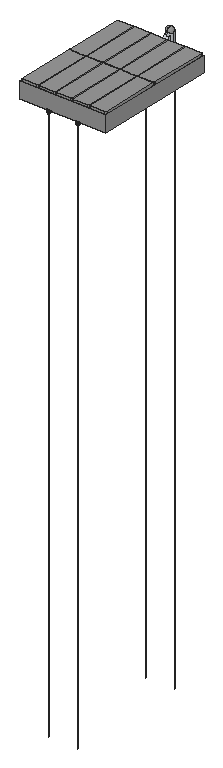
Revit family "62157", category Lighting Fixtures, host Face, Revit 2018
Family settings
  Host = Face
  Round Connector Dimension = Use Diameter
  Part Type = Normal
  OmniClass Number = 23.80.70.00
  OmniClass Title = Lighting
  Cut with Voids When Loaded = No
  Light Source = Yes
  Shared = No
  Room Calculation Point = No
Parameters (values of type "0062157 KUBIXX 4000K 47KLM WIDE SSA")
  Weight = "n/a"
  Wattage Comments = ""
  Wattage = 9.2903 W
  WarrantyStartDate [instance] = "n/a"
  WarrantyGuarantorParts = "n/a"
  WarrantyDurationUnit = "n/a"
  WarrantyDurationParts = ""
  WarrantyDescription = "http://www.sylvania-lighting.com"
  built-in parameter 1150110 = 1 (stored number, unit not read)
  Voltage = 0 V
  URL = "0"
  TypeName = "KubiXx 4000K 47KLM WIDE SSA"
  Type Image = <None>
  Type Comments = "n/a"
  Total length = 760.213 mm
  built-in parameter 1114217 = 1 (stored number, unit not read)
  Total Length = 731.899 mm
  Tilt Angle = -90.00°
  built-in parameter 1150109 = 1 (stored number, unit not read)
  built-in parameter 1150134 = 3
  Suspension height = 3000 mm
  built-in parameter 1150113 = 1 (stored number, unit not read)
  SerialNumber [instance] = "n/a"
  Photometric Web File = "0062157.IES"
  Material_3_SYL = none
  PowerFactor = 0
  PowerConsumption = "Lighting"
  NominalLength = 460 mm
  NominalHeight = 94 mm
  NominalDepth = 650 mm
  Name = "KubiXx 4000K 47KLM WIDE SSA"
  ModelReference = Name  # "KubiXx 4000K 47KLM WIDE SSA"
  ModelNumber = "0062157"
  Model = Name  # "KubiXx 4000K 47KLM WIDE SSA"
  Material = "Feilo Sylvania"
  ManufacturerName = "172 lm/W"
  Manufacturer = ""
  LuminousEfficacy = ""
  built-in parameter 1150105 = 109.82 (stored number, unit not read)
  Lumens = 1380 lm
  LuminaireType = "0"
  built-in parameter 1150115 = 1 (stored number, unit not read)
  LightOutputRatio = "LED"
  built-in parameter 1150137 = (empty or 0)
  built-in parameter 1150139 = (empty or 0)
  LampsType = Lamp  # "n/a"
  LampNominalLuminous = "4000 K"
  LampMacAdamStep = "80"
  LampColourTemperature = "LED"
  LampColourRenderingIndex = "16500"
  built-in parameter 1150112 = 1 (stored number, unit not read)
  built-in parameter 1150114 = 1 (stored number, unit not read)
  Lamp = "n/a"
  Keynote = "n/a"
  InstallationDate [instance] = "n/a"
  InputVoltage = "0"
  InputNominalFrequency = "4000"
  built-in parameter 1150132 = (empty or 0)
  built-in parameter 1150102 = (empty or 0)
  built-in parameter 1150107 = 3200 (stored number, unit not read)
  built-in parameter 1150138 = (empty or 0)
  IngressProtection = "IfcLightFixtureType"
  ImpactProtectionIndex = "IfcLightFixtureType"
  built-in parameter 1150106 = 1.0982 (stored number, unit not read)
  IfcExportType = "IfcLightFixtureType"
  IfcExportAs = "Class I"
  Emit from Circle Diameter = 609.6 mm
  Emit Shape Visible in Rendering = no
  ElectricShockClassification = "172"
  built-in parameter 1150104 = 13.8 (stored number, unit not read)
  DocumentationLiterature = "http://www.sylvania-lighting.com/product/en-int/products/0062157"
  DimmingControlOptions = "n/a"
  Material_2_SYL = none
  Dimming Lamp Color Temperature Shift = <None>
  Description = "Logistics and Industry high bay luminaire with wide optics to provide homogenous light distribution for open space areas. 47500lumens, 276W, 172lm/W, 4000K, CRI80, wide beam optic, SylSmart SSA dimmable, 3 step MacAdam ellipse, grey finish (RAL7012), Class 1, 220-240V, IP65, IK06."
  Default Elevation = 1219.2 mm
  CreatedOn = "09/11/2023"
  CreatedBy = "@sylvania-lighting.com"
  Cost = 0
  Color Filter = 16777215
  built-in parameter 1114216 [instance] = (empty or 0)
  ClassificationValue = "EF_70_80"
  ClassificationName = "Uniclass2015"
  Material_1_SYL = none
  BarCode [instance] = "n/a"
  built-in parameter 1114218 = 1 (stored number, unit not read)
  built-in parameter 1150133 = 10 (stored number, unit not read)
  AssetType = "Fixed"
  AssetIdentifier [instance] = "n/a"
  Assembly Code = "D5020200"
  Apparent Load = 276 VA
  Material_4_SYL = none
Reference planes
  plane 1 "Center (Front/Back)": y = 0
  plane 2: z = 0
  plane 3 "Center (Left/Right)": x = 0
  plane 4: x = -230
  plane 5: x = 230
  plane 6: y = 325
  plane 7: y = -325
  plane 8: x = -180.6
  plane 9: y = 160
  plane 10: y = -160
  plane 11: x = -93.6
  plane 12: x = -89.2
  plane 13: x = -2.2
  plane 14: x = 2.2
  plane 15: x = 89.2
  plane 16: x = 93.6
  plane 17: x = 180.6
  plane 18: x = 77.2
  plane 19: x = -77.2
  plane 20: x = -87.2
  plane 21: x = -67.2
  plane 22: z = -18
  plane 23: y = 162
  plane 24: z = -8
  plane 25: y = -162
  plane 26: z = 3094
  plane 27: z = 3094
  plane 28: y = 163.5
  plane 29: z = 3000
  plane 30: z = 2982
  plane 31: x = -225.6
  plane 32: x = 225.6
  plane 33: x = 138.6
  plane 34: x = -138.6
  plane 35: x = 134.2
  plane 36: x = -134.2
  plane 37: x = 47.2
  plane 38: x = -47.2
  plane 39: x = 42.795
  plane 40: x = -42.778
  plane 41: y = 320.6
  plane 42: y = -320.6
  plane 43: y = 321
  plane 44: y = 1
  plane 45: y = -1
  plane 46: y = 406.899
Forms (mm)
  Extrusion 1, solid, material "Aluminum", detail levels medium+fine
    sketch origin (0, 0, 0) x (1, 0, 0) y (0, 1, 0)
      loop
        line (-230, 325) -> (-230, -325) -> (230, -325) -> (230, 325) -> (-230, 325)
    from 3000 to 3083
  Extrusion 2, solid, material "Acetal Resin, White", detail levels medium+fine
    sketch origin (0, 160.6, 0) x (1, 0, 0) y (0, 1, 0)
      loop
        arc (-220.65, 160) -> (-224.185, 158.536) -> (-225.65, 155) r 5
        line (-225.65, 155) -> (-225.65, -154.6)
        arc (-225.65, -154.6) -> (-224.185, -158.136) -> (-220.65, -159.6) r 5
        line (-220.65, -159.6) -> (-143.629, -159.6)
        arc (-143.629, -159.6) -> (-140.094, -158.136) -> (-138.629, -154.6) r 5
        line (-138.629, -154.6) -> (-138.629, 155)
        arc (-138.629, 155) -> (-140.094, 158.536) -> (-143.629, 160) r 5
        line (-143.629, 160) -> (-220.65, 160)
    from 3083 to 3094
  Extrusion 3, solid, material "Acetal Resin, White", detail levels medium+fine
    sketch origin (91.4, 160.6, 0) x (1, 0, 0) y (0, 1, 0)
      loop
        arc (-220.89, 160) -> (-224.425, 158.536) -> (-225.89, 155) r 5
        line (-225.89, 155) -> (-225.89, -154.6)
        arc (-225.89, -154.6) -> (-224.425, -158.136) -> (-220.89, -159.6) r 5
        line (-220.89, -159.6) -> (-143.578, -159.6)
        arc (-143.578, -159.6) -> (-140.042, -158.136) -> (-138.578, -154.6) r 5
        line (-138.578, -154.6) -> (-138.578, 155)
        arc (-138.578, 155) -> (-140.042, 158.536) -> (-143.578, 160) r 5
        line (-143.578, 160) -> (-220.89, 160)
    from 3083 to 3094
  Extrusion 4, solid, material "Acetal Resin, White", detail levels medium+fine
    sketch origin (182.8, 160.6, 0) x (1, 0, 0) y (0, 1, 0)
      loop
        arc (-130.605, 160) -> (-134.141, 158.536) -> (-135.605, 155) r 5
        line (-135.605, 155) -> (-135.605, -154.6)
        arc (-135.605, -154.6) -> (-134.141, -158.136) -> (-130.605, -159.6) r 5
        line (-130.605, -159.6) -> (-53.412, -159.6)
        arc (-53.412, -159.6) -> (-49.876, -158.136) -> (-48.412, -154.6) r 5
        line (-48.412, -154.6) -> (-48.412, 155)
        arc (-48.412, 155) -> (-49.876, 158.536) -> (-53.412, 160) r 5
        line (-53.412, 160) -> (-130.605, 160)
    from 3083 to 3094
  Extrusion 5, solid, material "Acetal Resin, White", detail levels medium+fine
    sketch origin (274.2, 160.6, 0) x (1, 0, 0) y (0, 1, 0)
      loop
        arc (-130.583, 160) -> (-134.119, 158.536) -> (-135.583, 155) r 5
        line (-135.583, 155) -> (-135.583, -154.6)
        arc (-135.583, -154.6) -> (-134.119, -158.136) -> (-130.583, -159.6) r 5
        line (-130.583, -159.6) -> (-53.71, -159.6)
        arc (-53.71, -159.6) -> (-50.175, -158.136) -> (-48.71, -154.6) r 5
        line (-48.71, -154.6) -> (-48.71, 155)
        arc (-48.71, 155) -> (-50.175, 158.536) -> (-53.71, 160) r 5
        line (-53.71, 160) -> (-130.583, 160)
    from 3083 to 3094
  Extrusion 6, solid, material "Aluminum", detail levels fine
    sketch origin (0, 0, 2992) x (1, 0, 0) y (0, 0, 1)
      loop
        line (-87.2, 8) -> (-87.2, 0)
        arc (-87.2, 0) -> (-84.271, -7.071) -> (-77.2, -10) r 10
        arc (-77.2, -10) -> (-70.129, -7.071) -> (-67.2, 0) r 10
        line (-67.2, 0) -> (-67.2, 8) -> (-87.2, 8)
    from -325 to -322
  Extrusion 7, void
    sketch origin (0.086, 0, 2990.692) x (1, 0, 0) y (0, 0, 1)
      loop
        circle (-77.2, 0) r 3
    from -350.589 to 380.147
  Extrusion 8, solid, material "Aluminum", detail levels fine
    sketch origin (154.4, 0, 2992) x (1, 0, 0) y (0, 0, 1)
      loop
        line (-87.2, 8) -> (-87.2, 0)
        arc (-87.2, 0) -> (-84.271, -7.071) -> (-77.2, -10) r 10
        arc (-77.2, -10) -> (-70.129, -7.071) -> (-67.2, 0) r 10
        line (-67.2, 0) -> (-67.2, 8) -> (-87.2, 8)
    from -325 to -322
  Extrusion 9, void
    sketch origin (154.475, 0, 2991.254) x (1, 0, 0) y (0, 0, 1)
      loop
        circle (-77.2, 0) r 3
    from -394.188 to 347.516
  Extrusion 10, solid, material "Aluminum", detail levels fine
    sketch origin (0, 0, 2992) x (1, 0, 0) y (0, 0, 1)
      loop
        line (-87.2, 8) -> (-87.2, 0)
        arc (-87.2, 0) -> (-84.271, -7.071) -> (-77.2, -10) r 10
        arc (-77.2, -10) -> (-70.129, -7.071) -> (-67.2, 0) r 10
        line (-67.2, 0) -> (-67.2, 8) -> (-87.2, 8)
    from 325 to 322
  Extrusion 11, solid, material "Aluminum", detail levels fine
    sketch origin (153.445, 0, 2992) x (1, 0, 0) y (0, 0, 1)
      loop
        line (-86.235, 8) -> (-86.235, 0.111)
        arc (-86.235, 0.111) -> (-83.306, -6.96) -> (-76.235, -9.889) r 10
        arc (-76.235, -9.889) -> (-69.163, -6.96) -> (-66.235, 0.111) r 10
        line (-66.235, 0.111) -> (-66.235, 8) -> (-86.235, 8)
    from 325 to 322
  Extrusion 12, solid, material "Stainless Steel"
    sketch origin (-0.029, 159.919, 0) x (1, 0, 0) y (0, 1, 0)
      loop
        circle (-77.2, 163.5) r 1
    from 0 to 3000
  Extrusion 13, solid, material "Stainless Steel"
    sketch origin (154.4, 159.993, 0) x (1, 0, 0) y (0, 1, 0)
      loop
        circle (-77.2, 163.5) r 1
    from 0 to 3000
  Extrusion 14, solid, material "Stainless Steel"
    sketch origin (0, -327, 0) x (1, 0, 0) y (0, 1, 0)
      loop
        circle (-77.2, 3.5) r 1
    from 0 to 3000
  Extrusion 15, solid, material "Stainless Steel"
    sketch origin (154.386, -327.05, 0) x (1, 0, 0) y (0, 1, 0)
      loop
        circle (-77.2, 3.5) r 1
    from 0 to 3000
  Extrusion 16, solid, detail levels coarse
    sketch origin (0, 0, 0) x (1, 0, 0) y (0, 0, 1)
      loop
        line (-230, 3094) -> (-230, 0) -> (230, 0) -> (230, 3094) -> (-230, 3094)
    from -406.899 to 325
  Extrusion 17, solid, material "Acetal Resin, White", detail levels medium+fine
    sketch origin (181.395, 160.6, 0) x (1, 0, 0) y (0, 1, 0)
      loop
        arc (-219.21, 160) -> (-222.746, 158.536) -> (-224.21, 155) r 5
        line (-224.21, 155) -> (-224.21, -154.6)
        arc (-224.21, -154.6) -> (-222.746, -158.136) -> (-219.21, -159.6) r 5
        line (-219.21, -159.6) -> (-143.578, -159.6)
        arc (-143.578, -159.6) -> (-140.042, -158.136) -> (-138.578, -154.6) r 5
        line (-138.578, -154.6) -> (-138.578, 155)
        arc (-138.578, 155) -> (-140.042, 158.536) -> (-143.578, 160) r 5
        line (-143.578, 160) -> (-219.21, 160)
    from 3083 to 3094
  Extrusion 18, solid, material "Acetal Resin, White", detail levels medium+fine
    sketch origin (0, -160.6, 0) x (1, 0, 0) y (0, 1, 0)
      loop
        arc (-220.65, 159.6) -> (-224.185, 158.136) -> (-225.65, 154.6) r 5
        line (-225.65, 154.6) -> (-225.65, -155)
        arc (-225.65, -155) -> (-224.185, -158.536) -> (-220.65, -160) r 5
        line (-220.65, -160) -> (-143.629, -160)
        arc (-143.629, -160) -> (-140.094, -158.536) -> (-138.629, -155) r 5
        line (-138.629, -155) -> (-138.629, 154.6)
        arc (-138.629, 154.6) -> (-140.094, 158.136) -> (-143.629, 159.6) r 5
        line (-143.629, 159.6) -> (-220.65, 159.6)
    from 3083 to 3094
  Extrusion 19, solid, material "Acetal Resin, White", detail levels medium+fine
    sketch origin (91.4, -160.6, 0) x (1, 0, 0) y (0, 1, 0)
      loop
        arc (-220.89, 159.6) -> (-224.425, 158.136) -> (-225.89, 154.6) r 5
        line (-225.89, 154.6) -> (-225.89, -155)
        arc (-225.89, -155) -> (-224.425, -158.536) -> (-220.89, -160) r 5
        line (-220.89, -160) -> (-143.578, -160)
        arc (-143.578, -160) -> (-140.042, -158.536) -> (-138.578, -155) r 5
        line (-138.578, -155) -> (-138.578, 154.6)
        arc (-138.578, 154.6) -> (-140.042, 158.136) -> (-143.578, 159.6) r 5
        line (-143.578, 159.6) -> (-220.89, 159.6)
    from 3083 to 3094
  Extrusion 20, solid, material "Acetal Resin, White", detail levels medium+fine
    sketch origin (182.8, -160.6, 0) x (1, 0, 0) y (0, 1, 0)
      loop
        arc (-130.605, 159.6) -> (-134.141, 158.136) -> (-135.605, 154.6) r 5
        line (-135.605, 154.6) -> (-135.605, -155)
        arc (-135.605, -155) -> (-134.141, -158.536) -> (-130.605, -160) r 5
        line (-130.605, -160) -> (-53.412, -160)
        arc (-53.412, -160) -> (-49.876, -158.536) -> (-48.412, -155) r 5
        line (-48.412, -155) -> (-48.412, 154.6)
        arc (-48.412, 154.6) -> (-49.876, 158.136) -> (-53.412, 159.6) r 5
        line (-53.412, 159.6) -> (-130.605, 159.6)
    from 3083 to 3094
  Extrusion 21, solid, material "Acetal Resin, White", detail levels medium+fine
    sketch origin (274.2, -160.6, 0) x (1, 0, 0) y (0, 1, 0)
      loop
        arc (-130.583, 159.6) -> (-134.119, 158.136) -> (-135.583, 154.6) r 5
        line (-135.583, 154.6) -> (-135.583, -155)
        arc (-135.583, -155) -> (-134.119, -158.536) -> (-130.583, -160) r 5
        line (-130.583, -160) -> (-53.71, -160)
        arc (-53.71, -160) -> (-50.175, -158.536) -> (-48.71, -155) r 5
        line (-48.71, -155) -> (-48.71, 154.6)
        arc (-48.71, 154.6) -> (-50.175, 158.136) -> (-53.71, 159.6) r 5
        line (-53.71, 159.6) -> (-130.583, 159.6)
    from 3083 to 3094
  Extrusion 22, solid, material "Acetal Resin, White", detail levels medium+fine
    sketch origin (181.395, -160.6, 0) x (1, 0, 0) y (0, 1, 0)
      loop
        arc (-219.21, 159.6) -> (-222.746, 158.136) -> (-224.21, 154.6) r 5
        line (-224.21, 154.6) -> (-224.21, -155)
        arc (-224.21, -155) -> (-222.746, -158.536) -> (-219.21, -160) r 5
        line (-219.21, -160) -> (-143.578, -160)
        arc (-143.578, -160) -> (-140.042, -158.536) -> (-138.578, -155) r 5
        line (-138.578, -155) -> (-138.578, 154.6)
        arc (-138.578, 154.6) -> (-140.042, 158.136) -> (-143.578, 159.6) r 5
        line (-143.578, 159.6) -> (-219.21, 159.6)
    from 3083 to 3094
  Blend 23, solid
    base sketch origin (0, 159.8, -0.419) x (1, 0, 0) y (0, 1, 0)
      loop
        circle (0, 228) r 19
    top sketch origin (0, 159.8, -0.419) x (1, 0, 0) y (0, 1, 0)
      loop
        circle (0, 228) r 19
    from 3039 to 3094
  Revolve 24, solid, material "Acetal Resin, White"
    sketch origin (-0.021, 1683.8, 1218.818) x (0, 1, 0) y (0, 0, 1)
      loop
        line (-1296, 1874.8) -> (-1277, 1874.8)
        arc (-1277, 1874.8) -> (-1282.5, 1888.6) -> (-1296, 1894.8) r 20
        line (-1296, 1894.8) -> (-1296, 1874.8)
      axis (-1296, 1894.8) -> (-1296, 1874.8)
    angle from 179.389 to 539.028
  Extrusion 25, solid
    sketch origin (0, 159.8, -0.419) x (1, 0, 0) y (0, 1, 0)
      loop
        line (-13.5, 214.609) -> (-13.5, 165) -> (13.5, 165) -> (13.5, 214.609) -> (-13.5, 214.609)
    from 3039 to 3083
  Extrusion 26, void
    sketch origin (319, 1683.8, 1218.781) x (0, 1, 0) y (0, 0, 1)
      loop
        line (-1309.391, 1863.8) -> (-1359, 1863.8) -> (-1359, 1843.8) -> (-1333.226, 1843.8) -> (-1309.391, 1863.8)
    from -343.775 to -294
  Blend 27, solid, not visible
    base sketch origin (0, 0, 0) x (1, 0, 0) y (0, 1, 0)
      loop
        circle (0, 228) r 19
    top sketch origin (0, 0, 0) x (1, 0, 0) y (0, 1, 0)
      loop
        circle (0, 228) r 19
    from 3039 to 3094
  Revolve 28, solid, material "Acetal Resin, White", not visible
    sketch origin (-0.021, 1524, 1219.237) x (0, 1, 0) y (0, 0, 1)
      loop
        line (-1296, 1874.8) -> (-1277, 1874.8)
        arc (-1277, 1874.8) -> (-1282.5, 1888.6) -> (-1296, 1894.8) r 20
        line (-1296, 1894.8) -> (-1296, 1874.8)
      axis (-1296, 1894.8) -> (-1296, 1874.8)
    angle from 179.389 to 539.028
  Extrusion 29, solid, not visible
    sketch origin (0, 0, 0) x (1, 0, 0) y (0, 1, 0)
      loop
        line (-13.5, 214.609) -> (-13.5, 165) -> (13.5, 165) -> (13.5, 214.609) -> (-13.5, 214.609)
    from 3039 to 3083
  Extrusion 30, void, not visible
    sketch origin (319, 1524, 1219.2) x (0, 1, 0) y (0, 0, 1)
      loop
        line (-1309.391, 1863.8) -> (-1359, 1863.8) -> (-1359, 1843.8) -> (-1333.226, 1843.8) -> (-1309.391, 1863.8)
    from -343.775 to -294
Cuts and joins
  Extrusion 7 cuts Extrusion 6
  Extrusion 7 cuts Extrusion 10
  Extrusion 9 cuts Extrusion 8
  Extrusion 9 cuts Extrusion 11
  Extrusion 26 cuts Extrusion 25
Dimensions and locks
  "NominalLength": plane 4 to plane 5
  equal spacing: plane 4, plane 3 "Center (Left/Right)", plane 5
  "NominalDepth": plane 6 to plane 7
  equal spacing: plane 6, plane 1 "Center (Front/Back)", plane 7
  Extrusion 4 to plane 3 "Center (Left/Right)" = 47.195 mm
  plane 3 "Center (Left/Right)" to Extrusion 3 = 134.49 mm
  "Suspension height": level to plane 29
  plane 27 to plane 26 = 0 mm
  "NominalHeight": plane 29 to plane 27
  plane 15 to Extrusion 8 = 22 mm
  "Total Length": plane 46 to plane 7
  aligned and locked: plane 2 to host face
  aligned and locked: level to host face
Automatic sketch dimensions
  host sketch curve to host sketch curve = 2438.4 mm  (x2)
  Extrusion 1 sketch curve to plane 4 = 0 mm
  Extrusion 1 sketch curve to plane 5 = 0 mm
  Extrusion 1 sketch curve to plane 7 = 0 mm
  Extrusion 1 sketch curve to plane 6 = 0 mm
  Extrusion 2 sketch curve to plane 41 = 0 mm
  Extrusion 2 sketch curve to plane 31 = 0.05 mm
  Extrusion 2 sketch curve to plane 1 "Center (Front/Back)" = 1 mm
  plane 31 to Extrusion 2 sketch curve = 4.95 mm  (x2)
  plane 34 to Extrusion 2 sketch curve = 5.029 mm  (x2)
  plane 34 to Extrusion 2 sketch curve = 0.029 mm
  Extrusion 3 sketch curve to plane 41 = 0 mm
  plane 36 to Extrusion 3 sketch curve = 0.29 mm
  Extrusion 3 sketch curve to plane 1 "Center (Front/Back)" = 1 mm
  Extrusion 3 sketch curve to plane 36 = 4.71 mm  (x2)
  plane 38 to Extrusion 3 sketch curve = 4.978 mm  (x2)
  Extrusion 3 sketch curve to plane 38 = 0.022 mm
  Extrusion 4 sketch curve to plane 41 = 0 mm
  plane 37 to Extrusion 4 sketch curve = 0.005 mm
  Extrusion 4 sketch curve to plane 1 "Center (Front/Back)" = 1 mm
  Extrusion 4 sketch curve to plane 37 = 4.995 mm  (x2)
  plane 35 to Extrusion 4 sketch curve = 4.812 mm  (x2)
  Extrusion 4 sketch curve to plane 35 = 0.188 mm
  Extrusion 5 sketch curve to plane 41 = 0 mm
  Extrusion 5 sketch curve to plane 33 = 0.017 mm
  Extrusion 5 sketch curve to plane 1 "Center (Front/Back)" = 1 mm
  Extrusion 5 sketch curve to plane 33 = 5.017 mm  (x2)
  Extrusion 5 sketch curve to plane 32 = 5.11 mm  (x2)
  Extrusion 5 sketch curve to plane 32 = 0.11 mm
  Extrusion 6 sketch curve to Extrusion 6 sketch curve = 0 mm  (x2)
  Extrusion 6 sketch curve to plane 20 = 0 mm
  Extrusion 6 sketch curve to plane 19 = 0 mm
  Extrusion 6 sketch curve to plane 30 = 0 mm
  Extrusion 6 sketch curve to plane 29 = 0 mm
  plane 19 to Extrusion 7 sketch curve = 0.086 mm
  plane 30 to Extrusion 7 sketch curve = 8.692 mm
  Extrusion 8 sketch curve to Extrusion 8 sketch curve = 0 mm  (x2)
  Extrusion 8 sketch curve to plane 29 = 0 mm
  Extrusion 8 sketch curve to plane 18 = 0 mm
  Extrusion 8 sketch curve to plane 30 = 0 mm
  Extrusion 8 sketch curve to plane 18 = 10 mm
  plane 18 to Extrusion 9 sketch curve = 0.075 mm
  Extrusion 9 sketch curve to plane 29 = 8.746 mm
  Extrusion 10 sketch curve to Extrusion 10 sketch curve = 0 mm  (x2)
  Extrusion 10 sketch curve to plane 20 = 0 mm
  Extrusion 10 sketch curve to plane 19 = 0 mm
  Extrusion 10 sketch curve to plane 30 = 0 mm
  Extrusion 10 sketch curve to plane 29 = 0 mm
  Extrusion 11 sketch curve to Extrusion 11 sketch curve = 0 mm  (x2)
  Extrusion 11 sketch curve to plane 29 = 0 mm
  Extrusion 11 sketch curve to plane 18 = 9.989 mm
  plane 18 to Extrusion 11 sketch curve = 0.011 mm
  Extrusion 11 sketch curve to Extrusion 11 sketch curve = 7.889 mm
  Extrusion 12 sketch curve to plane 19 = 0.029 mm
  Extrusion 12 sketch curve to plane 6 = 1.581 mm
  Extrusion 13 sketch curve to plane 18 = 0 mm
  Extrusion 13 sketch curve to plane 6 = 1.507 mm
  Extrusion 14 sketch curve to plane 19 = 0 mm
  plane 7 to Extrusion 14 sketch curve = 1.5 mm
  Extrusion 15 sketch curve to plane 18 = 0.014 mm
  plane 7 to Extrusion 15 sketch curve = 1.45 mm
  Extrusion 16 sketch curve to level = 0 mm
  Extrusion 16 sketch curve to plane 4 = 0 mm
  Extrusion 16 sketch curve to plane 5 = 0 mm
  Extrusion 16 sketch curve to plane 27 = 0 mm
  Extrusion 17 sketch curve to plane 41 = 0 mm
  plane 40 to Extrusion 17 sketch curve = 0.038 mm
  Extrusion 17 sketch curve to plane 1 "Center (Front/Back)" = 1 mm
  Extrusion 17 sketch curve to plane 40 = 4.962 mm  (x2)
  plane 39 to Extrusion 17 sketch curve = 4.978 mm  (x2)
  Extrusion 17 sketch curve to plane 39 = 0.022 mm
  Extrusion 18 sketch curve to plane 42 = 0 mm
  Extrusion 18 sketch curve to plane 31 = 0.05 mm
  plane 31 to Extrusion 18 sketch curve = 4.95 mm  (x2)
  plane 1 "Center (Front/Back)" to Extrusion 18 sketch curve = 1 mm
  plane 34 to Extrusion 18 sketch curve = 5.029 mm  (x2)
  plane 34 to Extrusion 18 sketch curve = 0.029 mm
  Extrusion 19 sketch curve to plane 42 = 0 mm
  plane 36 to Extrusion 19 sketch curve = 0.29 mm
  Extrusion 19 sketch curve to plane 36 = 4.71 mm  (x2)
  plane 1 "Center (Front/Back)" to Extrusion 19 sketch curve = 1 mm
  plane 38 to Extrusion 19 sketch curve = 4.978 mm  (x2)
  Extrusion 19 sketch curve to plane 38 = 0.022 mm
  Extrusion 20 sketch curve to plane 42 = 0 mm
  plane 37 to Extrusion 20 sketch curve = 0.005 mm
  Extrusion 20 sketch curve to plane 37 = 4.995 mm  (x2)
  plane 1 "Center (Front/Back)" to Extrusion 20 sketch curve = 1 mm
  plane 35 to Extrusion 20 sketch curve = 4.812 mm  (x2)
  Extrusion 20 sketch curve to plane 35 = 0.188 mm
  Extrusion 21 sketch curve to plane 42 = 0 mm
  Extrusion 21 sketch curve to plane 33 = 0.017 mm
  Extrusion 21 sketch curve to plane 33 = 5.017 mm  (x2)
  plane 1 "Center (Front/Back)" to Extrusion 21 sketch curve = 1 mm
  Extrusion 21 sketch curve to plane 32 = 5.11 mm  (x2)
  Extrusion 21 sketch curve to plane 32 = 0.11 mm
  Extrusion 22 sketch curve to plane 42 = 0 mm
  plane 40 to Extrusion 22 sketch curve = 0.038 mm
  Extrusion 22 sketch curve to plane 40 = 4.962 mm  (x2)
  plane 1 "Center (Front/Back)" to Extrusion 22 sketch curve = 1 mm
  plane 39 to Extrusion 22 sketch curve = 4.978 mm  (x2)
  Extrusion 22 sketch curve to plane 39 = 0.022 mm
  Revolve 24 sketch curve to Revolve 24 sketch curve = 1 mm
  Revolve 24 sketch curve to Revolve 24 sketch curve = 19 mm
  Revolve 24 sketch curve to Revolve 24 sketch curve = 0.025 mm
  Revolve 24 sketch curve to Revolve 24 sketch curve = 0 mm
  Revolve 24 sketch curve to Revolve 24 sketch curve = 8.022 mm
  Revolve 24 sketch curve to Revolve 24 sketch curve = 11.978 mm
  Extrusion 25 sketch curve to Extrusion 25 sketch curve = 27 mm
  Extrusion 25 sketch curve to Extrusion 25 sketch curve = 49.609 mm
  Extrusion 26 sketch curve to Extrusion 26 sketch curve = 25.774 mm
  Extrusion 26 sketch curve to Extrusion 26 sketch curve = 23.835 mm
  Extrusion 26 sketch curve to Extrusion 26 sketch curve = 20 mm
  Revolve 28 sketch curve to Revolve 28 sketch curve = 1 mm
  Revolve 28 sketch curve to Revolve 28 sketch curve = 19 mm
  Revolve 28 sketch curve to Revolve 28 sketch curve = 0.025 mm
  Revolve 28 sketch curve to Revolve 28 sketch curve = 0 mm
  Revolve 28 sketch curve to Revolve 28 sketch curve = 8.022 mm
  Revolve 28 sketch curve to Revolve 28 sketch curve = 11.978 mm
  Extrusion 29 sketch curve to Extrusion 29 sketch curve = 27 mm
  Extrusion 29 sketch curve to Extrusion 29 sketch curve = 49.609 mm
  Extrusion 30 sketch curve to Extrusion 30 sketch curve = 25.774 mm
  Extrusion 30 sketch curve to Extrusion 30 sketch curve = 23.835 mm
  Extrusion 30 sketch curve to Extrusion 30 sketch curve = 20 mm
  Blend 23 sketch curve to plane 3 "Center (Left/Right)" = 0 mm  (x2)
  Blend 23 sketch curve to plane 46 = 19.099 mm  (x2)
  Revolve 24 sketch curve to plane 26 = 0.357 mm
  Revolve 24 sketch curve to plane 46 = 20.099 mm
  Extrusion 25 sketch curve to plane 6 = 0.2 mm
  Extrusion 25 sketch curve to plane 13 = 11.3 mm
  Extrusion 26 sketch curve to plane 6 = 0.2 mm
  Extrusion 26 sketch curve to plane 26 = 31.419 mm
  radius of Extrusion 7 sketch curve = 3 mm
  radius of Extrusion 9 sketch curve = 3 mm
  radius of Extrusion 12 sketch curve = 1 mm
  radius of Extrusion 13 sketch curve = 1 mm
  radius of Extrusion 14 sketch curve = 1 mm
  radius of Extrusion 15 sketch curve = 1 mm
  radius of Blend 23 sketch curve = 19 mm  (x2)
  radius of Blend 27 sketch curve = 19 mm  (x2)
Connectors
  electrical at (0, 0, 3000)
    settings: on Extrusion 1, index 1, voltage 0 V, apparent load 0 VA, apparent load phase1 0 VA, apparent load phase2 0 VA, apparent load phase3 0 VA, power factor 1, load classification "Other", number of poles 1, system type 31, power factor state 1, is connector primary yes, connector utility no, sub classification motor no, connector description ""
